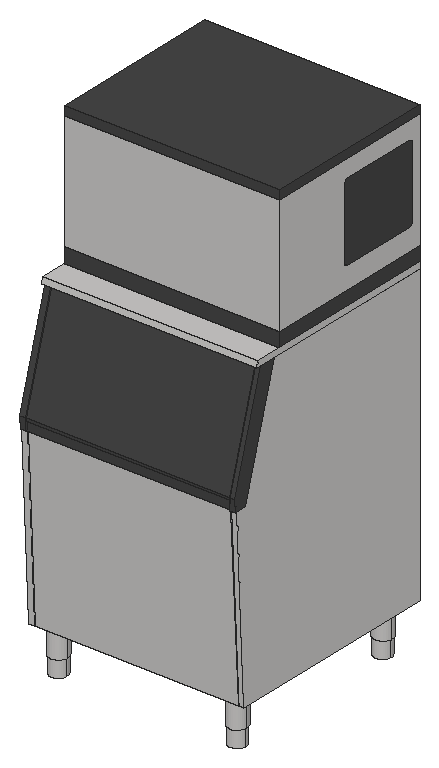
Revit family "QF_ELECTROLUXPROFESSIONAL_730295_IHD237M230SNP", category Specialty Equipment, Revit 2023
Family settings
  Round Connector Dimension = Use Diameter
  Part Type = Normal
  Work Plane-Based = No
  Enable Cutting in Views = No
  Always vertical = Yes
  Cut with Voids When Loaded = No
  Maintain Annotation Orientation = No
  Shared = No
  Room Calculation Point = No
Parameters (values of type "Standard")
  Weight = 85.00 kg
  Watts = 0 W
  Volts = 220 V
  URL Manufacturer = "http://www.electroluxprofessional.com"
  URL = "http://www.electroluxprofessional.com"
  Steam Supply Size = 0 mm
  Steam Supply Minimum Pressure = 0.0 Pa
  Steam Supply Maximum Pressure = 0.0 Pa
  Steam Pounds per Hour = 0
  Show Logo [instance] = yes
  Show Clearance [instance] = yes
  Refrigeration Suction Line Size = 0 mm
  Refrigeration Liquid Line Size = 0 mm
  Refrigerant Compressor Remote = yes
  Manufacturer = "Electrolux Professional"
  Phase = 1
  Model = "IHD237M230SNP"
  Length Actual = 762 mm
  Item Number = "730295"
  Hot Water Size = 0 mm
  Height Actual = 1676 mm
  HP = "2.1 HP"
  Gas Size = 0 mm
  Gas KW = 0
  Gas Input Pressure = 0 W
  Description = "WATER COOLED HALF DICE ICE 237KG/24H-BIN 230KG MODULAR"
  Depth Actual = 819 mm
  Default Elevation = 0 mm
  Cycle = 50 Hz
  Condensate Return Size = 0 mm
  Compressed Air Volume = 0.0 L/s
  Compressed Air Size = 0 mm
  Compressed Air Pressure = 0.0 Pa
  Cold Water Size = 19.05 mm
  Accessory = no
Reference planes
  plane 1 "Center X": y = 237.851
  plane 2: z = 0
  plane 3 "Center Y": x = -378
  plane 4 "LEFT": x = -759
  plane 5 "BACK": y = 647.351
  plane 6 "RIGHT": x = 3
  plane 7 "FRONT": y = -171.649
  plane 8 "TOP": z = 1231
  plane 9: x = -739
  plane 10: x = -17
  plane 11: z = 155
  plane 12: z = 1211
  plane 13: z = 1131
  plane 14: y = -171.649
  plane 15: x = 3
  plane 16: x = -759
  plane 17: z = 1731
  plane 18: z = 1363.566
  plane 19 "2": y = 667.351
  plane 20 "3": y = 27.351
Forms (mm)
  Extrusion 1, solid, material "QF_Finishes_Stainless Steel"
    sketch origin (-238.119, 667.851, 1599.653) x (0, 0, -1) y (-1, 0, 0)
      loop
        circle (302.153, -206.619) r 10
    from -20.5 to -0.5
  Extrusion 2, solid, material "QF_Finishes_Stainless Steel"
    sketch origin (3, 0, 0) x (0, 1, 0) y (0, 0, 1)
      loop
        line (-70.746, 1231) -> (-75.305, 1211) -> (647.351, 1211) -> (647.351, 1231) -> (-70.746, 1231)
    from -762 to 0
  Extrusion 3, solid, material "QF_Finishes_Stainless Steel"
    sketch origin (3, 0, -220) x (0, 1, 0) y (0, 0, 1)
      loop
        line (2.761, 1431) -> (-125.203, 1012.449) -> (-163.117, 1012.449) -> (-130.122, 375) -> (647.351, 375) -> (647.351, 1431) -> (2.761, 1431)
    from -742 to -20
  Extrusion 4, solid, material "QF_Finishes_Black"
    sketch origin (3, -38.052, -220) x (0, 1, 0) y (0, 0, 1)
      loop
        line (-131.963, 1053.167) -> (-131.595, 1046.139) -> (-129.537, 1046.139) -> (-127.771, 1012.449) -> (-87.151, 1012.449) -> (40.813, 1431) -> (-16.448, 1431) -> (-131.963, 1053.167)
    from -742 to -20
  Extrusion 5, solid, material "QF_Finishes_Black"
    sketch origin (3, -38.052, -220) x (0, 1, 0) y (0, 0, 1)
      loop
        line (-131.963, 1053.167) -> (-129.829, 1012.449) -> (-87.151, 1012.449) -> (40.813, 1431) -> (-16.448, 1431) -> (-131.963, 1053.167)
    from -762 to -742
  Extrusion 6, solid, material "QF_Finishes_Black"
    sketch origin (3, -38.052, -220) x (0, 1, 0) y (0, 0, 1)
      loop
        line (-131.963, 1053.167) -> (-129.829, 1012.449) -> (-87.151, 1012.449) -> (40.813, 1431) -> (-16.448, 1431) -> (-131.963, 1053.167)
    from -20 to 0
  Extrusion 7, solid, material "QF_Finishes_Stainless Steel"
    sketch origin (3, 0, -220) x (0, 1, 0) y (0, 0, 1)
      loop
        line (2.761, 1431) -> (-125.203, 1012.449) -> (-163.117, 1012.449) -> (-130.122, 375) -> (647.351, 375) -> (647.351, 1431) -> (2.761, 1431)
    from -20 to 0
  Extrusion 8, solid, material "QF_Finishes_Stainless Steel"
    sketch origin (3, 0, -220) x (0, 1, 0) y (0, 0, 1)
      loop
        line (2.761, 1431) -> (-125.203, 1012.449) -> (-163.117, 1012.449) -> (-130.122, 375) -> (647.351, 375) -> (647.351, 1431) -> (2.761, 1431)
    from -762 to -742
  Extrusion 9, solid, material "QF_Finishes_Stainless Steel"
    sketch origin (3, 0, 440) x (0, 1, 0) y (0, 0, 1)
      loop
        line (27.351, 1260.349) -> (27.351, 842.501) -> (647.351, 842.501) -> (647.351, 1260.349) -> (27.351, 1260.349)
    from -762 to 0
  Extrusion 10, solid, material "QF_Finishes_Black"
    sketch origin (3, 0, 395) x (0, 1, 0) y (0, 0, 1)
      loop
        line (27.351, 887.501) -> (27.351, 836) -> (647.351, 836) -> (647.351, 887.501) -> (27.351, 887.501)
    from -762 to 0
  Extrusion 11, solid, material "QF_Finishes_Black"
    sketch origin (3, 0, 1015) x (0, 1, 0) y (0, 0, 1)
      loop
        line (27.351, 716) -> (27.351, 685.349) -> (647.351, 685.349) -> (647.351, 716) -> (27.351, 716)
    from -762 to 0
  Extrusion 12, solid, material "QF_Finishes_Stainless Steel"
    sketch origin (-1202.264, 667.851, 1627.261) x (0, 0, -1) y (-1, 0, 0)
      loop
        circle (302.153, -468.619) r 12.5
    from -20.5 to -0.5
  Extrusion 13, solid, material "QF_Finishes_Stainless Steel"
    sketch origin (-1199.841, 667.851, 1316.063) x (0, 0, -1) y (-1, 0, 0)
      loop
        circle (-158.388, -468.619) r 10
    from -20.5 to -0.5
  Extrusion 14, solid
    sketch origin (1774.352, 532.849, 0) x (1, 0, 0) y (0, 1, 0)
      loop
        circle (-2152.352, -35.499) r 10
    from 91.501 to 155
  Extrusion 15, solid, material "QF_Finishes_Black"
    sketch origin (-668.378, 757.228, 75) x (1, 0, 0) y (0, 0, -1)
      loop
        arc (275.378, -1625.349) -> (285.984, -1620.956) -> (290.378, -1610.349) r 15
        line (290.378, -1610.349) -> (290.378, -1222.501)
        arc (290.378, -1222.501) -> (285.984, -1211.894) -> (275.378, -1207.501) r 15
        line (275.378, -1207.501) -> (-25.622, -1207.501)
        arc (-25.622, -1207.501) -> (-36.229, -1211.894) -> (-40.622, -1222.501) r 15
        line (-40.622, -1222.501) -> (-40.622, -1610.349)
        arc (-40.622, -1610.349) -> (-36.229, -1620.956) -> (-25.622, -1625.349) r 15
        line (-25.622, -1625.349) -> (275.378, -1625.349)
    from -109.877 to -107.877
  Extrusion 16, solid, material "QF_Finishes_Black"
    sketch origin (-759, 55.351, 75) x (0, 1, 0) y (0, 0, -1)
      loop
        arc (542, -1563.566) -> (552.607, -1559.172) -> (557, -1548.566) r 15
        line (557, -1548.566) -> (557, -1303.566)
        arc (557, -1303.566) -> (552.607, -1292.959) -> (542, -1288.566) r 15
        line (542, -1288.566) -> (272, -1288.566)
        arc (272, -1288.566) -> (261.393, -1292.959) -> (257, -1303.566) r 15
        line (257, -1303.566) -> (257, -1548.566)
        arc (257, -1548.566) -> (261.393, -1559.172) -> (272, -1563.566) r 15
        line (272, -1563.566) -> (542, -1563.566)
    from 0 to 2
  Extrusion 17, solid, material "QF_Finishes_Black"
    sketch origin (3, 55.351, 75) x (0, 1, 0) y (0, 0, 1)
      loop
        line (542, 1563.566) -> (272, 1563.566)
        arc (272, 1563.566) -> (261.393, 1559.172) -> (257, 1548.566) r 15
        line (257, 1548.566) -> (257, 1303.566)
        arc (257, 1303.566) -> (261.393, 1292.959) -> (272, 1288.566) r 15
        line (272, 1288.566) -> (542, 1288.566)
        arc (542, 1288.566) -> (552.607, 1292.959) -> (557, 1303.566) r 15
        line (557, 1303.566) -> (557, 1548.566)
        arc (557, 1548.566) -> (552.607, 1559.172) -> (542, 1563.566) r 15
    from 0 to 2
Lines and regions (mm)
  symbolic lines
    curve 1: line (-759, 647.351, 0) -> (3, 647.351, 0)
    curve 2: line (-759, -171.649, 0) -> (-759, 647.351, 0)
    curve 3: line (3, -171.649, 0) -> (-759, -171.649, 0)
    curve 4: line (3, 647.351, 0) -> (3, -171.649, 0)
    curve 5: line (-759, 647.351, 100) -> (3, 647.351, 100)
    curve 6: line (-759, -171.649, 100) -> (-759, 647.351, 100)
    curve 7: line (3, 647.351, 100) -> (3, -171.649, 100)
    curve 8: line (-759, -171.649, 100) -> (3, -171.649, 100)
    curve 9: line (-759, 27.351, 100) -> (3, 27.351, 100)
    curve 10: line (-759, -75.305, 100) -> (3, -75.305, 100)
Dimensions and locks
  equal spacing: plane 4 "LEFT", plane 3 "Center Y", plane 6 "RIGHT"
  "Length Actual": plane 4 "LEFT" to plane 6 "RIGHT"
  "Depth Actual": plane 5 "BACK" to plane 7 "FRONT"
  equal spacing: plane 5 "BACK", plane 1 "Center X", plane 7 "FRONT"
  plane 8 "TOP" to plane 2 = 1231 mm
  locked: plane 4 "LEFT" to plane 9 at 20
  locked: plane 10 to plane 6 "RIGHT" at 20
  plane 11 to plane 2 = 155 mm
  locked: plane 8 "TOP" to plane 12 at 20
  locked: plane 12 to plane 13 at 80
  plane 7 "FRONT" to plane 14 = 0 mm
  plane 7 "FRONT" to plane 5 "BACK" = 819 mm
  plane 14 to plane 19 "2" = 839 mm
  plane 11 to Extrusion 7 = 1056 mm
  plane 15 to plane 3 "Center Y" to plane 16 = 381 mm, 381 mm
  equal spacing: plane 16, plane 3 "Center Y", plane 15
  plane 15 to plane 16 = 762 mm
  plane 17 to level = 1731 mm
  plane 8 "TOP" to level = 1231 mm
  plane 17 to plane 8 "TOP" = 500 mm
  Extrusion 9 to plane 5 "BACK" = 620 mm
  plane 20 "3" to plane 5 "BACK" = 620 mm
  nested 4 to plane 3 "Center Y" to nested 1 = 317 mm, 316.899 mm
  aligned and locked: level to plane 2
  aligned and locked: plane 15 to Extrusion 9
  aligned and locked: plane 15 to Extrusion 10
  aligned and locked: Extrusion 11 to plane 16
  aligned and locked: Extrusion 9 to plane 16
  aligned and locked: Extrusion 10 to plane 16
  aligned and locked: plane 5 "BACK" to Extrusion 11
  aligned and locked: plane 5 "BACK" to Extrusion 9
  aligned and locked: Extrusion 9 to plane 20 "3"
Automatic sketch dimensions
  Extrusion 1 sketch curve to plane 10 = 14.5 mm
  plane 18 to Extrusion 1 sketch curve = 66.066 mm
  plane 9 to Extrusion 12 sketch curve = 5.355 mm
  plane 18 to Extrusion 12 sketch curve = 38.458 mm
  plane 9 to Extrusion 13 sketch curve = 7.778 mm
  Extrusion 13 sketch curve to plane 18 = 110.886 mm
  Extrusion 15 sketch curve to plane 3 "Center Y" = 0 mm
  Extrusion 15 sketch curve to Extrusion 15 sketch curve = 15 mm  (x2)
  Extrusion 15 sketch curve to plane 3 "Center Y" = 15 mm
  plane 9 to Extrusion 15 sketch curve = 45 mm  (x2)
  Extrusion 15 sketch curve to plane 17 = 30.651 mm
  plane 18 to Extrusion 15 sketch curve = 66.065 mm
  curve 3 to plane 4 "LEFT" = 0 mm
  curve 3 to plane 6 "RIGHT" = 0 mm
  curve 3 to plane 7 "FRONT" = 0 mm
  curve 2 to plane 5 "BACK" = 0 mm
  Extrusion 2 sketch curve to plane 12 = 0 mm
  Extrusion 2 sketch curve to plane 8 "TOP" = 0 mm
  Extrusion 2 sketch curve to plane 5 "BACK" = 0 mm
  Extrusion 2 sketch curve to plane 20 "3" = 98.097 mm
  Extrusion 2 sketch curve to Extrusion 2 sketch curve = 4.56 mm
  Extrusion 3 sketch curve to plane 11 = 0 mm
  Extrusion 3 sketch curve to plane 12 = 0 mm
  Extrusion 3 sketch curve to plane 5 "BACK" = 0 mm
  Extrusion 3 sketch curve to plane 20 "3" = 24.59 mm
  plane 7 "FRONT" to Extrusion 3 sketch curve = 46.446 mm
  plane 7 "FRONT" to Extrusion 3 sketch curve = 41.528 mm
  plane 7 "FRONT" to Extrusion 3 sketch curve = 8.532 mm
  Extrusion 3 sketch curve to plane 13 = 338.551 mm
  Extrusion 4 sketch curve to plane 12 = 0 mm
  plane 7 "FRONT" to Extrusion 4 sketch curve = 1.634 mm
  plane 7 "FRONT" to Extrusion 4 sketch curve = 2.003 mm
  Extrusion 4 sketch curve to Extrusion 4 sketch curve = 2.058 mm
  plane 7 "FRONT" to Extrusion 4 sketch curve = 5.827 mm
  Extrusion 4 sketch curve to Extrusion 4 sketch curve = 40.62 mm
  Extrusion 4 sketch curve to plane 20 "3" = 81.851 mm
  Extrusion 4 sketch curve to plane 20 "3" = 24.59 mm
  Extrusion 4 sketch curve to plane 13 = 297.833 mm
  Extrusion 4 sketch curve to Extrusion 4 sketch curve = 7.027 mm
  Extrusion 4 sketch curve to Extrusion 4 sketch curve = 33.691 mm
  Extrusion 5 sketch curve to plane 12 = 0 mm
  plane 7 "FRONT" to Extrusion 5 sketch curve = 1.634 mm
  plane 7 "FRONT" to Extrusion 5 sketch curve = 3.768 mm
  Extrusion 5 sketch curve to Extrusion 5 sketch curve = 42.678 mm
  Extrusion 5 sketch curve to plane 20 "3" = 81.851 mm
  Extrusion 5 sketch curve to plane 20 "3" = 24.59 mm
  Extrusion 5 sketch curve to plane 13 = 297.833 mm
  Extrusion 5 sketch curve to Extrusion 5 sketch curve = 40.718 mm
  Extrusion 6 sketch curve to plane 12 = 0 mm
  plane 7 "FRONT" to Extrusion 6 sketch curve = 1.634 mm
  plane 7 "FRONT" to Extrusion 6 sketch curve = 3.768 mm
  Extrusion 6 sketch curve to Extrusion 6 sketch curve = 42.678 mm
  Extrusion 6 sketch curve to plane 20 "3" = 81.851 mm
  Extrusion 6 sketch curve to plane 20 "3" = 24.59 mm
  Extrusion 6 sketch curve to plane 13 = 297.833 mm
  Extrusion 6 sketch curve to Extrusion 6 sketch curve = 40.718 mm
  Extrusion 7 sketch curve to plane 11 = 0 mm
  Extrusion 7 sketch curve to plane 12 = 0 mm
  Extrusion 7 sketch curve to plane 5 "BACK" = 0 mm
  Extrusion 7 sketch curve to plane 20 "3" = 24.59 mm
  plane 7 "FRONT" to Extrusion 7 sketch curve = 46.446 mm
  plane 7 "FRONT" to Extrusion 7 sketch curve = 41.528 mm
  plane 7 "FRONT" to Extrusion 7 sketch curve = 8.532 mm
  Extrusion 7 sketch curve to plane 13 = 338.551 mm
  Extrusion 8 sketch curve to plane 11 = 0 mm
  Extrusion 8 sketch curve to plane 12 = 0 mm
  Extrusion 8 sketch curve to plane 5 "BACK" = 0 mm
  Extrusion 8 sketch curve to plane 20 "3" = 24.59 mm
  plane 7 "FRONT" to Extrusion 8 sketch curve = 46.446 mm
  plane 7 "FRONT" to Extrusion 8 sketch curve = 41.528 mm
  plane 7 "FRONT" to Extrusion 8 sketch curve = 8.532 mm
  Extrusion 8 sketch curve to plane 13 = 338.551 mm
  Extrusion 9 sketch curve to plane 20 "3" = 0 mm
  Extrusion 9 sketch curve to plane 5 "BACK" = 0 mm
  plane 8 "TOP" to Extrusion 9 sketch curve = 51.501 mm
  Extrusion 9 sketch curve to plane 17 = 30.651 mm
  Extrusion 10 sketch curve to plane 8 "TOP" = 0 mm
  Extrusion 10 sketch curve to plane 20 "3" = 0 mm
  Extrusion 10 sketch curve to plane 5 "BACK" = 0 mm
  plane 8 "TOP" to Extrusion 10 sketch curve = 51.501 mm
  Extrusion 11 sketch curve to plane 20 "3" = 0 mm
  Extrusion 11 sketch curve to plane 5 "BACK" = 0 mm
  Extrusion 11 sketch curve to plane 17 = 0 mm
  Extrusion 11 sketch curve to plane 17 = 30.651 mm
  Extrusion 14 sketch curve to plane 3 "Center Y" = 0 mm
  Extrusion 14 sketch curve to plane 5 "BACK" = 150 mm
  plane 18 to Extrusion 16 sketch curve = 0 mm
  Extrusion 16 sketch curve to plane 18 = 15 mm
  Extrusion 16 sketch curve to plane 1 "Center X" = 74.5 mm
  Extrusion 16 sketch curve to Extrusion 16 sketch curve = 15 mm  (x2)
  Extrusion 16 sketch curve to plane 5 "BACK" = 50 mm  (x2)
  Extrusion 16 sketch curve to plane 17 = 107.434 mm
  plane 18 to Extrusion 17 sketch curve = 0 mm
  Extrusion 17 sketch curve to plane 18 = 15 mm
  Extrusion 17 sketch curve to plane 1 "Center X" = 74.5 mm
  Extrusion 17 sketch curve to Extrusion 17 sketch curve = 15 mm  (x2)
  Extrusion 17 sketch curve to plane 5 "BACK" = 50 mm  (x2)
  Extrusion 17 sketch curve to plane 17 = 107.434 mm
  plane 5 "BACK" to curve 5 = 0 mm
  plane 7 "FRONT" to curve 8 = 0 mm
  plane 20 "3" to curve 9 = 0 mm
  plane 6 "RIGHT" to curve 5 = 0 mm
  curve 7 to curve 6 = 762 mm
  curve 10 to curve 7 = 96.344 mm
  radius of Extrusion 1 sketch curve = 10 mm
  radius of Extrusion 12 sketch curve = 12.5 mm
  radius of Extrusion 13 sketch curve = 10 mm
  radius of Extrusion 14 sketch curve = 10 mm
Nested families
  nested 1: "Foot_Complete" at (-694.899, -79.392, 0), type "Foot_Complete"
  nested 2: "Foot_Complete" at (-694.899, 564.718, 0), type "Foot_Complete"
  nested 3: "Foot_Complete" at (-61, 564.718, 0), type "Foot_Complete"
  nested 4: "Foot_Complete" at (-61, -79.392, 0), type "Foot_Complete"
Connectors
  electrical at (-31.5, 667.351, 1297.5), driven by "Volts"
    settings: on Extrusion 1, index 1, voltage 220 V, apparent load 0 VA, apparent load phase1 0 VA, apparent load phase2 0 VA, apparent load phase3 0 VA, power factor 1, load classification "Altro", number of poles 1, system type 30, power factor state 1, is connector primary yes, connector utility no, sub classification motor no, connector description "Electrical Connection"
  piping at (-733.645, 667.351, 1325.107), diameter 25
    settings: on Extrusion 12, index 6, connector inside diameter 609.6 mm, connector length 0 mm, flow factor 0, pipe flow 0.0 L/s, pressure drop 0.0 Pa, fitting loss kfactor 0, connector angle 0.00°, fixture units 0, engagement length 0 mm, angle of deflection 0.00°, flow configuration 0, flow direction 2, fitting loss method 0, system type 16, joint type 0, gender type 0, connector reference index -1, connector utility 0, adjustable connector no, is connector primary yes, connector description "Drain"
  piping at (-731.222, 667.351, 1474.451), diameter 20
    settings: on Extrusion 13, index 7, connector inside diameter 609.6 mm, connector length 0 mm, flow factor 0, pipe flow 0.0 L/s, pressure drop 0.0 Pa, fitting loss kfactor 0, connector angle 0.00°, fixture units 0, engagement length 0 mm, angle of deflection 0.00°, flow configuration 0, flow direction 1, fitting loss method 0, system type 20, joint type 0, gender type 0, connector reference index -1, connector utility 0, adjustable connector no, is connector primary no, connector description "Water Inlet"
  piping at (-378, 497.351, 91.501), diameter 20
    settings: on Extrusion 14, index 8, connector inside diameter 609.6 mm, connector length 0 mm, flow factor 0, pipe flow 0.0 L/s, pressure drop 0.0 Pa, fitting loss kfactor 0, connector angle 0.00°, fixture units 0, engagement length 0 mm, angle of deflection 0.00°, flow configuration 0, flow direction 2, fitting loss method 0, system type 16, joint type 0, gender type 0, connector reference index -1, connector utility 0, adjustable connector no, is connector primary no, connector description "Drain"
Definition of nested family "Foot_Complete"
  Parameters (values of type "Foot_Complete")
    R = 33 mm
    H = 155 mm
    Default Elevation = 0 mm
  Reference planes
    plane 1 "Centro (Fronte/Retro)": y = 0
    plane 2: z = 0
    plane 3 "Centro (Sinistra/Destra)": x = 0
    plane 4: z = 155
  Forms (mm)
    Revolve 1, solid
      sketch origin (255.05, 0, 608.09) x (0, 0, 1) y (-1, 0, 0)
        loop
          line (-608.09, 252.05) -> (-608.09, 225.05) -> (-548.09, 225.05) -> (-548.09, 222.05) -> (-453.09, 222.05) -> (-453.09, 252.05) -> (-608.09, 252.05)
        axis (-608.09, 255.05) -> (-453.09, 255.05)
      angle from 0 to 360
  Dimensions and locks
    level to Revolve 1 sketch curve = 60 mm
    "R": Revolve 1 sketch curve to plane 3 "Centro (Sinistra/Destra)"
    "H": plane 4 to level
    locked: Revolve 1 sketch curve to Revolve 1 sketch curve at 3
    aligned and locked: level to plane 2
    aligned and locked: plane 4 to Revolve 1 sketch curve
    aligned and locked: Revolve 1 sketch curve to level
  Automatic sketch dimensions
    Revolve 1 sketch curve to plane 3 "Centro (Sinistra/Destra)" = 0 mm
    plane 3 "Centro (Sinistra/Destra)" to Revolve 1 sketch curve = 3 mm
    plane 4 to Revolve 1 sketch curve = 50 mm
    Revolve 1 sketch curve to Revolve 1 sketch curve = 20 mm
